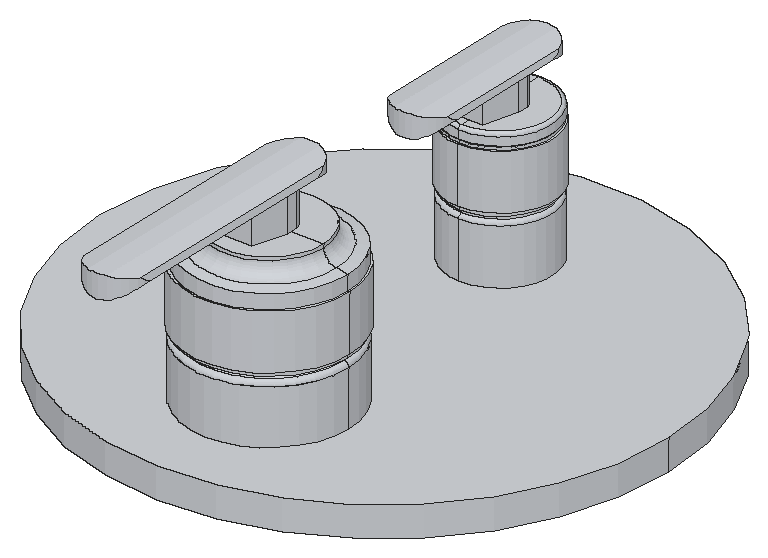
Revit family "Lixil-Grohe-Listra-2-H_PBV_Trim_w_3_way_Divert-106235_0_TEST", category Plumbing Fixtures, host Face, Revit 2023
Family settings
  Host = Face
  Round Connector Dimension = Use Diameter
  Part Type = Normal
  OmniClass Number = 23.45.55.17
  OmniClass Title = Mixing Faucets
  Enable Cutting in Views = Yes
  Cut with Voids When Loaded = No
  Maintain Annotation Orientation = No
  Shared = No
  Room Calculation Point = No
Parameters (values of type "Listra 2-H PBV Trim w/ 3-way Divert")
  Depth = 3 3/16"  # constant formula
  Width = 7 3/4"  # constant formula
  Waste Connection = 1 = 0  # no
  Warranty URL = "https://www.grohe.us/support/warranty"
  Version = "2023 - v1.0a"  # constant formula
  Vent Connection = 1 = 0  # no
  URL = "https://www.grohe.us"
  Support Phone = "224-699-9545"  # constant formula
  Support Email = "mailto:support@bimsmith.com"
  Product Page URL = "https://www.grohe.us"
  Product Name = "Listra 2-H PBV Trim w/ 3-way Divert"  # constant formula
  Product Documentation Link = "https://www.grohe.us"
  Model = "106235_0"
  Manufacturer Phone Number = "630-872-5570"  # constant formula
  Manufacturer Email = "https://www.grohe.us"
  Manufacturer Address = "https://www.grohe.us"
  Manufacturer = "LIXIL"  # constant formula
  Keynote = "22 40 00"
  Height [instance] = 9 3/16"  # constant formula
  HW Connection = 1 = 1  # yes
  Finish = Metal - Grohe - Chrome
  Description = "Listra 2-H PBV Trim w/ 3-way Divert"  # constant formula
  Default Elevation = 0"  # constant formula
  Copyright = "©LIXIL® | All Rights Reserved"  # constant formula
  Collection = "Listra"  # constant formula
  CW Connection = 1 = 1  # yes
  Brand = "Grohe"  # constant formula
  Assembly Code = "D2010400"
Reference planes (in)
  plane 1 "Center (Front/Back)": y = 0
  plane 2: z = 0
  plane 3 "Center (Left/Right)": x = 0
Dimensions and locks (in)
  aligned and locked: plane 2 to host face
  aligned and locked: level to host face
  aligned and locked: plane 1 "Center (Front/Back)" to nested 1
  aligned and locked: plane 3 "Center (Left/Right)" to nested 1
  aligned and locked: plane 1 "Center (Front/Back)" to nested 2
  aligned and locked: plane 3 "Center (Left/Right)" to nested 2
Nested families (in)
  nested 1: "Nested-2-106235_0" at (0, 0, 0), type "Nested-2-Listra 2-H PBV Trim w/ 3-way Divert", detail levels coarse
    with Height 9 3/16"
  nested 2: "Nested-1-106235_0" at (0, 0, 0), type "Nested-1.Listra 2-H PBV Trim w/ 3-way Divert", detail levels medium+fine
    with Height 9 3/16"
Definition of nested family "Nested-2-106235_0"
  Parameters (values of type "Nested-2-Listra 2-H PBV Trim w/ 3-way Divert")
    Depth = 3 3/16"  # constant formula
    Width = 7 3/4"  # constant formula
    Waste Connection = 1 = 0  # no
    Warranty URL = "https://www.grohe.us/support/warranty"
    Version = "2023 - v1.0a"  # constant formula
    Vent Connection = 1 = 0  # no
    URL = "https://www.grohe.us"
    Support Phone = "224-699-9545"  # constant formula
    Support Email = "mailto:support@bimsmith.com"
    Product Page URL = "https://www.grohe.us"
    Product Name = "Listra 2-H PBV Trim w/ 3-way Divert"  # constant formula
    Product Documentation Link = "https://www.grohe.us"
    Model = "106235_0"
    Manufacturer Phone Number = "630-872-5570"  # constant formula
    Manufacturer Email = "https://www.grohe.us"
    Manufacturer Address = "https://www.grohe.us"
    Manufacturer = "LIXIL"  # constant formula
    Keynote = "22 40 00"
    Height [instance] = 9 3/16"  # constant formula
    HW Connection = 1 = 1  # yes
    Finish = none
    Description = "Listra 2-H PBV Trim w/ 3-way Divert"  # constant formula
    Default Elevation = 0"  # constant formula
    Copyright = "©LIXIL® | All Rights Reserved"  # constant formula
    Collection = "Listra"  # constant formula
    CW Connection = 1 = 1  # yes
    Brand = "Grohe"  # constant formula
    Assembly Code = "D2010400"
  Reference planes (in)
    plane 1 "Center (Front/Back)": y = 0
    plane 2: z = 0
    plane 3 "Center (Left/Right)": x = 0
  Forms (in)
    Extrusion 1, solid
      sketch origin (0, 0, 0) x (1, 0, 0) y (0, 1, 0)
        loop
          line (-48, 48) -> (-48, -48) -> (48, -48) -> (48, 48) -> (-48, 48)
      from 0 to -12
    Extrusion 2, solid, material <- "Finish"
      sketch origin (0, 0, -0.94744) x (0, 1, 0) y (-1, 0, 0)
        loop
          circle (0, 0) r 3.875
      from 0.94744 to 1.35723
    Extrusion 3, solid, material <- "Finish"
      sketch origin (0, 0, -0.39478) x (-1, 0, 0) y (0, 0, 1)
        loop
          line (0.40874, 3.16125) -> (0.38731, 3.24122)
          arc (0.38731, 3.24122) -> (-0.00052, 3.29519) -> (-0.38799, 3.2387) r 1.38811
          line (-0.38799, 3.2387) -> (-0.40874, 3.16125)
          arc (-0.40874, 3.16125) -> (-0.22338, 3.02756) -> (0, 2.97927) r 0.55869
          arc (0, 2.97927) -> (0.22338, 3.02756) -> (0.40874, 3.16125) r 0.55869
      from 0.29334 to 2.78154
    Revolve 4, solid, material <- "Finish"
      sketch origin (0, -1.96773, 0) x (-1, 0, 0) y (0, 0, 1)
        loop
          line (0, 0.40979) -> (0, 2.54241) -> (-0.74701, 2.54241) -> (-0.74701, 2.5009)
          arc (-0.74701, 2.5009) -> (-0.79871, 2.37219) -> (-0.9235, 2.31163) r 0.19253
          line (-0.9235, 2.31163) -> (-1.07387, 2.2824) -> (-1.07387, 2.08542) -> (-1.10779, 2.08542) -> (-1.10779, 1.33063) -> (-1.07387, 1.33063) -> (-1.07387, 1.27495) -> (-0.97949, 1.27495)
          arc (-0.97949, 1.27495) -> (-0.98479, 1.23467) -> (-1.02083, 1.21591) r 0.044
          arc (-1.02083, 1.21591) -> (-1.0668, 1.19687) -> (-1.08584, 1.1509) r 0.065
          line (-1.08584, 1.1509) -> (-1.08584, 0.40979) -> (0, 0.40979)
        axis (0, 2.54241) -> (0, 0.40979)
      angle from 0 to 360
    Extrusion 5, solid, material <- "Finish"
      sketch origin (0, -4.17289, -0.06923) x (-1, 0, 0) y (0, 0, 1)
        loop
          line (0.40874, 3.16125) -> (0.38731, 3.24122)
          arc (0.38731, 3.24122) -> (-0.00052, 3.29519) -> (-0.38799, 3.2387) r 1.38811
          line (-0.38799, 3.2387) -> (-0.40874, 3.16125)
          arc (-0.40874, 3.16125) -> (-0.22338, 3.02756) -> (0, 2.97927) r 0.55869
          arc (0, 2.97927) -> (0.22338, 3.02756) -> (0.40874, 3.16125) r 0.55869
      from -0.73567 to 2.95235
    Extrusion 6, solid, material <- "Finish"
      sketch origin (0, -1.96163, 1.32956) x (0, -1, 0) y (1, 0, 0)
        loop
          line (-0.0926, -0.30462) -> (0.05905, -0.30462) -> (0.514, -0.17962) -> (0.514, 0.17962) -> (0.05905, 0.30462) -> (-0.0926, 0.30462)
          arc (-0.0926, 0.30462) -> (-0.3129, 0) -> (-0.0926, -0.30462) r 0.32076
      from 1.21285 to 1.76246
    Revolve 7, solid, material <- "Finish"
      sketch origin (0, 0, 0) x (0, -1, 0) y (0, 0, 1)
        loop
          line (-2.67677, 1.16305) -> (-2.67677, 0.40979) -> (-1.97437, 0.40979) -> (-1.97437, 2.30004) -> (-2.63316, 2.30004)
          arc (-2.63316, 2.30004) -> (-2.66468, 2.28699) -> (-2.67773, 2.25547) r 0.04458
          line (-2.67773, 2.25547) -> (-2.67773, 2.14416) -> (-2.63955, 2.14416)
          arc (-2.63955, 2.14416) -> (-2.6572, 2.13754) -> (-2.66614, 2.12095) r 0.02683
          line (-2.66614, 2.12095) -> (-2.66614, 2.08848) -> (-2.69782, 2.08848) -> (-2.69782, 1.33324) -> (-2.66631, 1.33324) -> (-2.66631, 1.27756) -> (-2.62132, 1.27756) -> (-2.62132, 1.2185)
          arc (-2.62132, 1.2185) -> (-2.66053, 1.20226) -> (-2.67677, 1.16305) r 0.05545
        axis (-1.97437, 0.40979) -> (-1.97437, 2.30004)
      angle from 0 to 360
    Extrusion 8, solid, material <- "Finish"
      sketch origin (0, 1.96221, 1.10655) x (0, -1, 0) y (1, 0, 0)
        loop
          line (-0.0926, -0.30462) -> (0.05905, -0.30462) -> (0.514, -0.17962) -> (0.514, 0.17962) -> (0.05905, 0.30462) -> (-0.0926, 0.30462)
          arc (-0.0926, 0.30462) -> (-0.3129, 0) -> (-0.0926, -0.30462) r 0.32076
      from 1.19364 to 1.65992
  Dimensions and locks (in)
    aligned and locked: plane 2 to Extrusion 1
    aligned and locked: level to Extrusion 1
    aligned and locked: Revolve 4 to Extrusion 2
Definition of nested family "Nested-1-106235_0"
  Parameters (values of type "Nested-1.Listra 2-H PBV Trim w/ 3-way Divert")
    Depth = 3 3/16"  # constant formula
    Width = 7 3/4"  # constant formula
    Waste Connection = 1 = 0  # no
    Warranty URL = "https://www.grohe.us/support/warranty"
    Version = "2023 - v1.0a"  # constant formula
    Vent Connection = 1 = 0  # no
    URL = "https://www.grohe.us"
    Support Phone = "224-699-9545"  # constant formula
    Support Email = "mailto:support@bimsmith.com"
    Product Page URL = "https://www.grohe.us"
    Product Name = "Listra 2-H PBV Trim w/ 3-way Divert"  # constant formula
    Product Documentation Link = "https://www.grohe.us"
    Model = "106235_0"
    Manufacturer Phone Number = "630-872-5570"  # constant formula
    Manufacturer Email = "https://www.grohe.us"
    Manufacturer Address = "https://www.grohe.us"
    Manufacturer = "LIXIL"  # constant formula
    Keynote = "22 40 00"
    Height [instance] = 9 3/16"  # constant formula
    HW Connection = 1 = 1  # yes
    Finish = none
    Description = "Listra 2-H PBV Trim w/ 3-way Divert"  # constant formula
    Default Elevation = 0"  # constant formula
    Copyright = "©LIXIL® | All Rights Reserved"  # constant formula
    Collection = "Listra"  # constant formula
    CW Connection = 1 = 1  # yes
    Brand = "Grohe"  # constant formula
    Assembly Code = "D2010400"
  Reference planes (in)
    plane 1 "Center (Front/Back)": y = 0
    plane 2: z = 0
    plane 3 "Center (Left/Right)": x = 0
  Forms (in)
    Extrusion 1, solid
      sketch origin (0, 0, 0) x (1, 0, 0) y (0, 1, 0)
        loop
          line (-48, 48) -> (-48, -48) -> (48, -48) -> (48, 48) -> (-48, 48)
      from 0 to -12
    Extrusion 2, solid, material <- "Finish"
      sketch origin (0, 0, -0.94744) x (0, 1, 0) y (-1, 0, 0)
        loop
          circle (0, 0) r 3.875
      from 0.94744 to 1.35723
    Extrusion 3, solid, material <- "Finish"
      sketch origin (0, 0, -0.39478) x (-1, 0, 0) y (0, 0, 1)
        loop
          line (0.40874, 3.16125) -> (0.38731, 3.24122)
          arc (0.38731, 3.24122) -> (-0.00052, 3.29519) -> (-0.38799, 3.2387) r 1.38811
          line (-0.38799, 3.2387) -> (-0.40874, 3.16125)
          arc (-0.40874, 3.16125) -> (-0.22338, 3.02756) -> (0, 2.97927) r 0.55869
          arc (0, 2.97927) -> (0.22338, 3.02756) -> (0.40874, 3.16125) r 0.55869
      from 0.29334 to 2.78154
    Extrusion 4, void
      sketch origin (0, -0.16406, -1.34222) x (0, 1, 0) y (-1, 0, 0)
        loop
          line (2.95235, -0.50333) -> (2.95235, 0.50333) -> (2.52688, 0.50333) -> (2.52688, 0.40874)
          arc (2.52688, 0.40874) -> (2.93562, 0) -> (2.52688, -0.40874) r 0.40874
          line (2.52688, -0.40874) -> (2.52688, -0.50333) -> (2.95235, -0.50333)
      from 3.90514 to 4.26256
    Extrusion 5, void
      sketch origin (0, 3.2457, -1.34222) x (0, -1, 0) y (1, 0, 0)
        loop
          line (2.95235, 0.50333) -> (2.52688, 0.50333) -> (2.52688, 0.40874)
          arc (2.52688, 0.40874) -> (2.93562, 0) -> (2.52688, -0.40874) r 0.40874
          line (2.52688, -0.40874) -> (2.52688, -0.50333) -> (2.95235, -0.50333) -> (2.95235, 0.50333)
      from 3.90514 to 4.26256
    Revolve 6, solid, material <- "Finish"
      sketch origin (0, -1.96773, 0) x (-1, 0, 0) y (0, 0, 1)
        loop
          line (0, 0.40979) -> (0, 2.54241) -> (-0.74701, 2.54241) -> (-0.74701, 2.5009)
          arc (-0.74701, 2.5009) -> (-0.79871, 2.37219) -> (-0.9235, 2.31163) r 0.19253
          line (-0.9235, 2.31163) -> (-1.07387, 2.2824) -> (-1.07387, 2.08542) -> (-1.10779, 2.08542) -> (-1.10779, 1.33063) -> (-1.07387, 1.33063) -> (-1.07387, 1.27495) -> (-0.97949, 1.27495)
          arc (-0.97949, 1.27495) -> (-0.98479, 1.23467) -> (-1.02083, 1.21591) r 0.044
          arc (-1.02083, 1.21591) -> (-1.0668, 1.19687) -> (-1.08584, 1.1509) r 0.065
          line (-1.08584, 1.1509) -> (-1.08584, 0.40979) -> (0, 0.40979)
        axis (0, 2.54241) -> (0, 0.40979)
      angle from 0 to 360
    Extrusion 7, solid, material <- "Finish"
      sketch origin (0, -4.17289, -0.06923) x (-1, 0, 0) y (0, 0, 1)
        loop
          line (0.40874, 3.16125) -> (0.38731, 3.24122)
          arc (0.38731, 3.24122) -> (-0.00052, 3.29519) -> (-0.38799, 3.2387) r 1.38811
          line (-0.38799, 3.2387) -> (-0.40874, 3.16125)
          arc (-0.40874, 3.16125) -> (-0.22338, 3.02756) -> (0, 2.97927) r 0.55869
          arc (0, 2.97927) -> (0.22338, 3.02756) -> (0.40874, 3.16125) r 0.55869
      from -0.73567 to 2.95235
    Extrusion 8, void
      sketch origin (0, -4.17289, -1.01668) x (0, 1, 0) y (-1, 0, 0)
        loop
          line (2.95235, -0.50333) -> (2.95235, 0.50333) -> (2.52688, 0.50333) -> (2.52688, 0.40874)
          arc (2.52688, 0.40874) -> (2.93562, 0) -> (2.52688, -0.40874) r 0.40874
          line (2.52688, -0.40874) -> (2.52688, -0.50333) -> (2.95235, -0.50333)
      from 3.90514 to 4.26256
    Extrusion 9, void
      sketch origin (0, -1.97293, -1.01668) x (0, -1, 0) y (1, 0, 0)
        loop
          line (2.95235, 0.50333) -> (2.52688, 0.50333) -> (2.52688, 0.40874)
          arc (2.52688, 0.40874) -> (2.93562, 0) -> (2.52688, -0.40874) r 0.40874
          line (2.52688, -0.40874) -> (2.52688, -0.50333) -> (2.95235, -0.50333) -> (2.95235, 0.50333)
      from 3.90514 to 4.26256
    Extrusion 10, solid, material <- "Finish"
      sketch origin (0, -1.96163, 1.32956) x (0, -1, 0) y (1, 0, 0)
        loop
          line (-0.0926, -0.30462) -> (0.05905, -0.30462) -> (0.514, -0.17962) -> (0.514, 0.17962) -> (0.05905, 0.30462) -> (-0.0926, 0.30462)
          arc (-0.0926, 0.30462) -> (-0.3129, 0) -> (-0.0926, -0.30462) r 0.32076
      from 1.21285 to 1.76246
    Revolve 11, solid, material <- "Finish"
      sketch origin (0, 0, 0) x (0, -1, 0) y (0, 0, 1)
        loop
          line (-2.67677, 1.16305) -> (-2.67677, 0.40979) -> (-1.97437, 0.40979) -> (-1.97437, 2.30004) -> (-2.63316, 2.30004)
          arc (-2.63316, 2.30004) -> (-2.66468, 2.28699) -> (-2.67773, 2.25547) r 0.04458
          line (-2.67773, 2.25547) -> (-2.67773, 2.14416) -> (-2.63955, 2.14416)
          arc (-2.63955, 2.14416) -> (-2.6572, 2.13754) -> (-2.66614, 2.12095) r 0.02683
          line (-2.66614, 2.12095) -> (-2.66614, 2.08848) -> (-2.69782, 2.08848) -> (-2.69782, 1.33324) -> (-2.66631, 1.33324) -> (-2.66631, 1.27756) -> (-2.62132, 1.27756) -> (-2.62132, 1.2185)
          arc (-2.62132, 1.2185) -> (-2.66053, 1.20226) -> (-2.67677, 1.16305) r 0.05545
        axis (-1.97437, 0.40979) -> (-1.97437, 2.30004)
      angle from 0 to 360
    Extrusion 12, solid, material <- "Finish"
      sketch origin (0, 1.96221, 1.10655) x (0, -1, 0) y (1, 0, 0)
        loop
          line (-0.0926, -0.30462) -> (0.05905, -0.30462) -> (0.514, -0.17962) -> (0.514, 0.17962) -> (0.05905, 0.30462) -> (-0.0926, 0.30462)
          arc (-0.0926, 0.30462) -> (-0.3129, 0) -> (-0.0926, -0.30462) r 0.32076
      from 1.19364 to 1.65992
  Cuts and joins
    Extrusion 4, Extrusion 5 cuts Extrusion 3
    Extrusion 8, Extrusion 9 cuts Extrusion 7
  Dimensions and locks (in)
    aligned and locked: plane 2 to Extrusion 1
    aligned and locked: level to Extrusion 1
    aligned and locked: Revolve 6 to Extrusion 2
